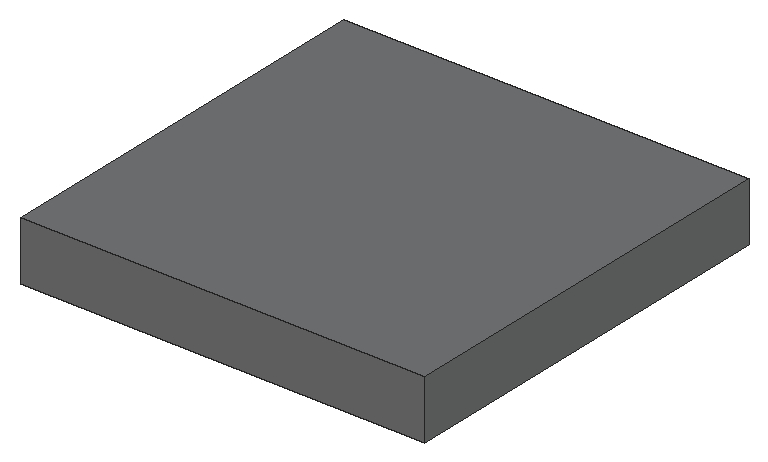
Revit family "Gira_029403", category Electrical Fixtures, host Face, Revit 2017
Family settings
  Host = Face
  Maintain Annotation Orientation = No
  Round Connector Dimension = Use Diameter
  Part Type = Normal
  Cut with Voids When Loaded = No
  Shared = No
  Room Calculation Point = No
Parameters (values of type "Wippe 2f Pfeilsymbol System 55 Reinweiß")
  Werkstoffgüte = "Thermoplast"
  Werkstoff = "Kunststoff"
  Verwendung = "Jalousie"
  URL = "http://katalog.gira.de/de_DE/datenblatt.html?artikelnr=029403"
  Region = "DE"
  RAL-Nummer (ähnlich) = "9010 "
  Oberfläche = "sonstige"
  Name = "Wippe 2f Pfeilsymbol System 55 Reinweiß"
  Mit austauschbarer Linse/Symbol = "No"
  Mit Beschriftungsfeld = "No"
  Manufacturer URL = "https://www.gira.de/"
  Kontrollfenster/Lichtauslass = "No"
  Keynote = "Sys55_Abdeckung_Schalten und Tasten"
  HeinzeBIM = "https://bimportal.heinze.de/bim/wippe-2f-pfeilsymbol-system-55-reinweiss/75809d717febf21f7f6f1791f0739b199841e47f"
  Halogenfrei = "Yes"
  HAN = "029403"
  Geeignet für Schutzart (IP) = "IP20"
  Geeignet für Bussystem-Tasterankopplung = "No"
  GTIN = "4010337294030"
  Farbe = "weiß"
  Default Elevation = 1219.2 mm
  Data sheet (1) = "https://katalog.gira.de/de_DE/download.html?artikelnr=029403"
  Category = "Abdeckung/Bedienelement für Installationsschalterprogramme"
  Befestigungsart = "Klemmbefestigung"
  Available = "Yes"
  Ausführung der Oberfläche = "glänzend"
  Ausführung = "zweiteilige Wippe"
  Aufdruck/Kennzeichnung = "diverse Symbole"
  Anthrazit [instance] = Anthrazit
  Abtastbares Symbol/barrierefrei = "No"
Reference planes
  plane 1 "Center (Front/Back)": y = 0
  plane 2: z = 0
  plane 3 "Center (Left/Right)": x = 0
Forms (mm)
  Extrusion 1, solid, material "Anthrazit" <- "Anthrazit", detail levels fine
    sketch origin (0, 0, 0) x (1, 0, 0) y (0, 1, 0)
      loop
        line (-27.5, 27.5) -> (-27.5, -27.5) -> (27.5, -27.5) -> (27.5, 27.5) -> (-27.5, 27.5)
    from 0 to 8
  Extrusion 2, void
    sketch origin (0, 0, 0) x (1, 0, 0) y (0, 1, 0)
      loop
        line (26, 26) -> (-26, 26) -> (-26, -26) -> (26, -26) -> (26, 26)
    from 0 to 6
  Extrusion 3, solid, material "Anthrazit" <- "Anthrazit", detail levels medium
    sketch origin (0, 0, 0) x (1, 0, 0) y (0, 1, 0)
      loop
        line (-27.5, 27.5) -> (-27.5, -27.5) -> (27.5, -27.5) -> (27.5, 27.5) -> (-27.5, 27.5)
    from 0 to 8
  Extrusion 4, solid, material "Anthrazit" <- "Anthrazit", detail levels medium
    sketch origin (0, 0, 0) x (1, 0, 0) y (0, 1, 0)
      loop
        line (11, -17.5) -> (11, 17.5) -> (-11, 17.5) -> (-11, -17.5) -> (11, -17.5)
    from -6 to 6
  Extrusion 5, solid, material "Anthrazit" <- "Anthrazit", detail levels fine
    sketch origin (0, 0, 0) x (1, 0, 0) y (0, 1, 0)
      loop
        line (11, 17.5) -> (-11, 17.5) -> (-11, 16.5) -> (11, 16.5) -> (11, 17.5)
      loop
        line (-11, -16.5) -> (-11, -17.5) -> (11, -17.5) -> (11, -16.5) -> (-11, -16.5)
    from -4 to 6
  Extrusion 6, solid, material "Anthrazit" <- "Anthrazit", detail levels fine
    sketch origin (0, 0, 0) x (1, 0, 0) y (0, 1, 0)
      loop
        arc (5, 9.347) -> (0, 10.6) -> (-5, 9.347) r 10.6
        line (-5, 9.347) -> (-5, -9.347)
        arc (-5, -9.347) -> (0, -10.6) -> (5, -9.347) r 10.6
        line (5, -9.347) -> (5, 9.347)
    from -6 to 6
  Extrusion 7, solid, material "Anthrazit" <- "Anthrazit", detail levels coarse
    sketch origin (0, 0, 0) x (1, 0, 0) y (0, 1, 0)
      loop
        line (-27.5, 27.5) -> (-27.5, -27.5) -> (27.5, -27.5) -> (27.5, 27.5) -> (-27.5, 27.5)
    from -6 to 8
Cuts and joins
  Extrusion 2 cuts Extrusion 1
Dimensions and locks
  aligned and locked: plane 2 to host face
  aligned and locked: level to host face
